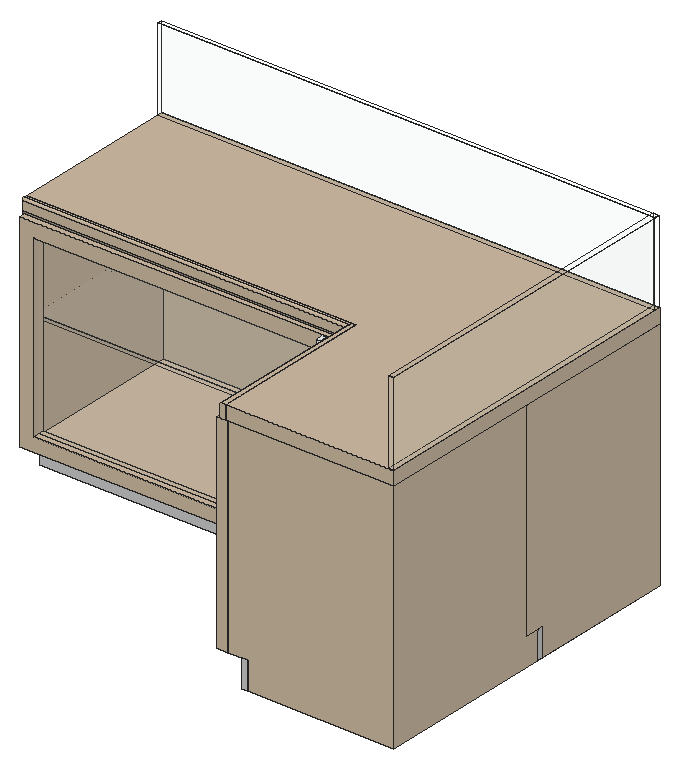
Revit family "Kitchen_Cabinet_Corner", category Casework, Revit 2021 (continued)
Definition of nested family "45 Degree Shelve"
  Dimensions and locks
    aligned and locked: Extrusion 4 sketch curve to plane 3 "Center (Left/Right)"
  Automatic sketch dimensions
    Extrusion 1 sketch curve to plane 3 "Center (Left/Right)" = 0 mm
Definition of nested family "Handle"
  Parameters
    x = no
    LOCK = 0 mm  # constant formula
    X POSITION OUT = 0 mm
    VisCalc Lock = if(and(Fix, not(Double)), Double, or(VisCalc = 4, VisCalc = 5, VisCalc = 8, VisCalc = 9, VisCalc = 10))  # no
    VisCalc Handle 2 = if(and(Fix, not(Double)), Double, or(VisCalc = 2, VisCalc = 3, VisCalc = 5, VisCalc = 8, VisCalc = 9))  # no
    VisCalc Handle 1 = if(and(Fix, not(Double)), Double, or(VisCalc = 1, VisCalc = 3, VisCalc = 5, VisCalc = 7, VisCalc = 9))  # yes
    VisCalc = 1
    Symbol Lines Plan 3D = yes
    Symbol Lines Plan 3D Sliding Door = no
    Symbol Lines Panel Width Calc = 800 mm
    Symbol Lines Maintainance = 0 mm  # constant formula
    Symbol Lines Elevation 3D Not Hinge Side = yes
    Symbol Lines Elevation 3D Hinge Side = yes
    Symbol Lines Elevation 3D Sliding Door = yes
    Symbol Lines Elevation 2D Sliding Door = yes
    Symbol Lines 2D Swing Pivot = no
    Symbol Lines Plan 2D Sliding Door = no
    Symbol Lines Plan 2D = no
    Symbol Lines Elevation 2D Not Hinge Side = no
    Symbol Lines Elevation 2D Hinge Side = no
    Symbol Line Plan Angle Min Calc = 90.00°
    Symbol Line Plan Angle = 45.00°
    Symbol Line Pivot Line = no
    Symbol Line Pivot Length = 10 mm
    Side Position = 75 mm
    Profile Width = 30 mm
    Profile Radius = 14 mm
    PANEL HEIGHT = 2200 mm
    PANEL BOTTOM OFFSET = 0 mm
    OUT = 20 mm
    Matirial 2 = none
    Lock Width = 50 mm
    Lock Radius = 24 mm
    Lock Position Sides = 50 mm
    Lock Position Height = 100 mm
    Lock Length = 50 mm
    Lock Depth = 10 mm
    Length = 300 mm
    Kick Plate Vis = if(and(Fix, not(Double)), Double, or(VisCalc = 6, VisCalc = 7, VisCalc = 8, VisCalc = 9, VisCalc = 10))  # no
    Kick Plate Thickness = 2 mm
    Kick Plate Middle Side Offset = 0 mm
    Kick Plate Matirail = none
    Kick Plate Hinge Side Offset = 0 mm
    Kick Plate Height Offset = 0 mm
    Kick Plate Height = 200 mm
    IN = 0 mm
    Height Position = 925 mm
    Handle Width 1 = 50 mm
    Handle Radius 1 = 24 mm
    Handle Position Side 1 = 50 mm
    Handle Length 1 = 50 mm
    Handle Depth 1 = 10 mm
    Handle Angle = 90.00°
    Fix = no
    Double = yes
    Door Width Half = Door Width / 2  # 400 mm
    Door Width = 800 mm
    Door Handle Position Height 1 = 900 mm
    Door Handle = none
    Depth 2 = 50 mm
    Depth 1 = 50 mm
    Default Elevation = 0 mm
    Assembly Code = ""
    Angle = 0.00°
  Reference planes
    plane 1 "Center (Front/Back)": y = 0
    plane 2: z = 0
    plane 3 "Center (Left/Right)": x = 0
    plane 4 "Height Positon": z = 925
    plane 5: x = 0
    plane 6 "Door Width": x = -800
    plane 7 "Door Top": z = 2200
    plane 8 "Door Center": z = 1100
    plane 9 "Door Bottom": z = 0
    plane 10: x = -100
    plane 11: x = -800
  Forms (mm)
    Sweep 1, solid, material <- "Door Handle", visible <- "VisCalc Handle 1"
      path in 3D
        loop
          line (-725, 20, 925) -> (-725, 70, 925) -> (-725, 70, 1225) -> (-725, 20, 1225)
      profile origin (-725, 45, 925) x (-1, 0, 0) y (0, 0, 1)
        loop
          arc (-1, 15) -> (-10.899, 10.899) -> (-15, 1) r 14
          line (-15, 1) -> (-15, -1)
          arc (-15, -1) -> (-10.899, -10.899) -> (-1, -15) r 14
          line (-1, -15) -> (1, -15)
          arc (1, -15) -> (10.899, -10.899) -> (15, -1) r 14
          line (15, -1) -> (15, 1)
          arc (15, 1) -> (10.899, 10.899) -> (1, 15) r 14
          line (1, 15) -> (-1, 15)
    Extrusion 2, solid, material <- "Door Handle", visible <- "VisCalc Lock"
      sketch origin (0, 20, 925) x (-1, 0, 0) y (0, 0, 1)
        loop
          arc (724, -35) -> (707.029, -42.029) -> (700, -59) r 24
          line (700, -59) -> (700, -61)
          arc (700, -61) -> (707.029, -77.971) -> (724, -85) r 24
          line (724, -85) -> (726, -85)
          arc (726, -85) -> (742.971, -77.971) -> (750, -61) r 24
          line (750, -61) -> (750, -59)
          arc (750, -59) -> (742.971, -42.029) -> (726, -35) r 24
          line (726, -35) -> (724, -35)
      from 0 to 10
    Extrusion 3, solid, material <- "Matirial 2", visible <- "VisCalc Handle 2"
      sketch origin (0, 20, 925) x (-1, 0, 0) y (0, 0, 1)
        loop
          arc (724, 25) -> (707.029, 17.971) -> (700, 1) r 24
          line (700, 1) -> (700, -1)
          arc (700, -1) -> (707.029, -17.971) -> (724, -25) r 24
          line (724, -25) -> (726, -25)
          arc (726, -25) -> (742.971, -17.971) -> (750, -1) r 24
          line (750, -1) -> (750, 1)
          arc (750, 1) -> (742.971, 17.971) -> (726, 25) r 24
          line (726, 25) -> (724, 25)
      from 0 to 10
    Extrusion 4, solid, material <- "Kick Plate Matirail", visible <- "Kick Plate Vis"
      sketch origin (0, 20, 0) x (-1, 0, 0) y (0, -1, 0)
        loop
          line (800, -2) -> (800, 0) -> (0, 0) -> (0, -2) -> (800, -2)
      from 0 to 200
  Lines and regions (mm)
    reference lines
      curve 1: line (0, 20, 925) -> (-800, 20, 925)
      curve 2: line (-725, 20, 925) -> (-725, 70, 925)
      curve 3: line (-725, 70, 925) -> (-725, 70, 1225)
      curve 4: line (-725, 70, 1225) -> (-725, 20, 1225)
      curve 8: line (0, 0, 925) -> (-800, 0, 925)
      curve 9: line (0, 0, 925) -> (-800, 0, 925)
      curve 10: line (0, 0, 925) -> (0, -580.44, 925)
      curve 11: line (0, 20, 0) -> (-800, 20, 0)
      curve 12: line (0, 20, 0) -> (-970, 20, 0)
      curve 13: line (0, 20, 0) -> (-800, 20, 0)
      curve 14: line (0, 20, 2200) -> (0, 20, 0)
      curve 15: line (-800, 20, 2200) -> (0, 20, 2200)
      curve 16: line (-800, 20, 0) -> (-800, 20, 2200)
      curve 17: line (0, 20, 1100) -> (-800, 20, 1100)
      curve 22: line (0, 0, 0) -> (-565.685, 565.685, 0)
      curve 29: line (-1062.056, 20, 0) -> (-957.056, 20, 0)
    sketch lines
      curve 5: line (-725, 20, 925) -> (-725, 70, 925)
      curve 6: line (-725, 70, 925) -> (-725, 70, 1225)
      curve 7: line (-725, 70, 1225) -> (-725, 20, 1225)
    model lines, visible <- "Symbol Lines Elevation 3D Not Hinge Side"
      curve 18: line (0, 20, 0) -> (-800, 20, 1100)
      curve 19: line (-800, 20, 1100) -> (0, 20, 2200)
    model lines, visible <- "Symbol Lines Elevation 3D Hinge Side"
      curve 20: line (-800, 20, 2200) -> (0, 20, 1100)
      curve 21: line (0, 20, 1100) -> (-800, 20, 0)
    model lines, visible <- "Symbol Lines Plan 3D"
      curve 23: line (0, 0, 0) -> (-565.685, 565.685, 0)
      curve 24: arc (-800, 0, 0) -> (-565.685, 565.685, 0) -> (0, 800, 0) r 800
    model lines, visible <- "Symbol Lines Elevation 3D Sliding Door"
      curve 25: line (-200, 20, 1100) -> (-600, 20, 1100)
      curve 26: line (-200, 20, 1100) -> (-270.711, 20, 1170.711)
    model lines, visible <- "Symbol Line Pivot Line"
      curve 27: line (0, 0, 0) -> (7.071, -7.071, 0)
      curve 28: arc (0, -10, 0) -> (7.071, -7.071, 0) -> (10, 0, 0) r 10
    symbolic lines, visible <- "Symbol Lines Plan 2D"
      curve 30: line (0, 0, 0) -> (-565.685, 565.685, 0)
      curve 33: arc (-800, 0, 0) -> (-565.685, 565.685, 0) -> (0, 800, 0) r 800
    symbolic lines, visible <- "Symbol Lines 2D Swing Pivot"
      curve 31: line (7.071, -7.071, 0) -> (0, 0, 0)
      curve 32: arc (0, -10, 0) -> (7.071, -7.071, 0) -> (10, 0, 0) r 10
    symbolic lines, visible <- "Symbol Lines Elevation 2D Hinge Side"
      curve 34: line (-800, 0, 2200) -> (0, 0, 1100)
      curve 35: line (0, 0, 1100) -> (-800, 0, 0)
    symbolic lines, visible <- "Symbol Lines Elevation 2D Not Hinge Side"
      curve 36: line (0, 0, 2200) -> (-800, 0, 1100)
      curve 37: line (-800, 0, 1100) -> (0, 0, 0)
    symbolic lines, visible <- "Symbol Lines Elevation 2D Sliding Door"
      curve 38: line (-200, 0, 1100) -> (-600, 0, 1100)
      curve 39: line (-200, 0, 1100) -> (-270.711, 0, 1170.711)
    model lines, visible <- "Symbol Lines Plan 3D Sliding Door"
      curve 40: line (-800, 200, 0) -> (-100, 200, 0)
      curve 41: line (-100, 200, 0) -> (-170.711, 270.711, 0)
    symbolic lines, visible <- "Symbol Lines Plan 2D Sliding Door"
      curve 42: line (-800, 200, 0) -> (-100, 200, 0)
      curve 43: line (-170.711, 270.711, 0) -> (-100, 200, 0)
  Dimensions and locks
    "Height Position": plane 4 "Height Positon" to plane 9 "Door Bottom"
    "Door Width": curve 1 to curve 1
    "Side Position": curve 1 to curve 2
    "Depth 1": curve 2 to curve 2
    "Depth 2": curve 4 to curve 4
    equal spacing: Sweep 1 sketch curve, profile plane, Sweep 1 sketch curve  (x2)
    "Profile Width": Sweep 1 sketch curve to Sweep 1 sketch curve  (x2)
    "Length": curve 3 to curve 3
    "Lock Width": Extrusion 2 sketch curve to Extrusion 2 sketch curve
    "Lock Length": Extrusion 2 sketch curve to Extrusion 2 sketch curve
    "Lock Position Sides": Extrusion 2 sketch curve to curve 1
    "Lock Depth": Extrusion 2 to Extrusion 2
    "Side Position": curve 3 to curve 1
    "Handle Length 1": Extrusion 3 sketch curve to Extrusion 3 sketch curve
    "Handle Width 1": Extrusion 3 sketch curve to Extrusion 3 sketch curve
    "Handle Position Side 1": Extrusion 3 sketch curve to curve 1
    "Door Handle Position Height 1": Extrusion 3 sketch curve to level
    "Handle Depth 1": Extrusion 3 to Extrusion 3
    "Door Width": curve 8 to curve 8
    "Door Width": curve 9 to curve 9
    "OUT": curve 1 to curve 9
    "IN": curve 8 to curve 9
    "Kick Plate Thickness": Extrusion 4 sketch curve to Extrusion 4 sketch curve
    "Kick Plate Middle Side Offset": curve 1 to Extrusion 4 sketch curve
    "Kick Plate Hinge Side Offset": Extrusion 4 sketch curve to curve 1
    "Kick Plate Height": Extrusion 4 to Extrusion 4
    "X POSITION OUT": curve 8 to curve 10
    "PANEL HEIGHT": curve 13 to curve 15
    "LOCK": curve 12 to curve 13
    "Door Width": curve 14 to curve 16
    equal spacing: curve 13, curve 17, curve 15
    "Symbol Lines Maintainance": curve 11 to curve 14
    "Door Width": curve 11 to curve 11
    "Symbol Lines Maintainance": plane 3 "Center (Left/Right)" to plane 5
    "Door Width": curve 22 to curve 22
    "Symbol Lines Panel Width Calc": curve 23 to curve 23
    "Door Width Half": curve 25 to curve 25
    curve 14 to curve 25 = 200 mm
    locked: curve 14 to curve 26 at 200
    "Symbol Line Pivot Length": curve 27 to curve 27
    locked: curve 29 to curve 12 at 0
    "Symbol Lines Panel Width Calc": curve 30 to curve 30
    "Symbol Line Pivot Length": curve 31 to curve 31
    "Door Width": plane 3 "Center (Left/Right)" to plane 6 "Door Width"
    equal spacing: plane 9 "Door Bottom", plane 8 "Door Center", plane 7 "Door Top"
    "PANEL HEIGHT": plane 9 "Door Bottom" to plane 7 "Door Top"
    plane 9 "Door Bottom" to plane 2 = 0 mm
    "Door Width Half": curve 38 to curve 38
    locked: plane 3 "Center (Left/Right)" to curve 38 at 200
    locked: plane 8 "Door Center" to curve 39 at 70.711
    locked: curve 39 to curve 38 at 70.711
    "LOCK": curve 11 to plane 9 "Door Bottom"
    locked: plane 10 to plane 3 "Center (Left/Right)" at 100
    locked: plane 11 to plane 6 "Door Width"
    "PANEL BOTTOM OFFSET": plane 9 "Door Bottom" to level
    "Profile Radius": radius of Sweep 1 sketch curve  (x4)
    "Lock Radius": radius of Extrusion 2 sketch curve  (x4)
    "Handle Radius 1": radius of Extrusion 3 sketch curve  (x4)
    "Symbol Lines Panel Width Calc": radius of curve 24
    "Symbol Line Pivot Length": radius of curve 28
    "Symbol Line Pivot Length": radius of curve 32
    "Symbol Lines Panel Width Calc": radius of curve 33
    "Handle Angle": angle curve 3 to curve 1
    "Angle": angle curve 8 to plane 1 "Center (Front/Back)"
    "Symbol Line Plan Angle": angle curve 22 to plane 1 "Center (Front/Back)"
    "Symbol Line Plan Angle Min Calc": angle curve 24 to curve 24
    angle curve 26 to curve 25 = 135.00°
    "Symbol Line Plan Angle Min Calc": angle curve 28 to curve 28
    "Symbol Line Plan Angle Min Calc": angle curve 32 to curve 32
    "Symbol Line Plan Angle Min Calc": angle curve 33 to curve 33
    locked: curve 41 to curve 40 (angle 45.00°)
    aligned and locked: curve 1 to curve 2
    aligned and locked: curve 2 to curve 3
    aligned and locked: curve 3 to curve 4
    aligned and locked: curve 4 to curve 3
    aligned and locked: plane 3 "Center (Left/Right)" to curve 8
    aligned and locked: plane 1 "Center (Front/Back)" to curve 8
    aligned and locked: curve 1 to curve 10
    aligned and locked: curve 1 to Extrusion 4
    aligned and locked: curve 12 to curve 11
    aligned and locked: plane 1 "Center (Front/Back)" to curve 28  (x2)
    aligned and locked: plane 5 to curve 28
    aligned and locked: curve 16 to curve 20
    aligned and locked: curve 20 to curve 15
    aligned and locked: curve 19 to curve 14
    aligned and locked: curve 15 to curve 19
    aligned and locked: curve 13 to curve 21
    aligned and locked: curve 21 to curve 16
    aligned and locked: curve 30 to curve 22
    aligned and locked: curve 31 to curve 22
    aligned and locked: plane 1 "Center (Front/Back)" to curve 31
    aligned and locked: plane 1 "Center (Front/Back)" to curve 32  (x2)
    aligned and locked: plane 5 to curve 32
    aligned and locked: curve 35 to plane 9 "Door Bottom"
    aligned and locked: plane 6 "Door Width" to curve 35
    aligned and locked: plane 8 "Door Center" to curve 35
    aligned and locked: plane 3 "Center (Left/Right)" to curve 34
    aligned and locked: plane 6 "Door Width" to curve 34
    aligned and locked: plane 7 "Door Top" to curve 34
    aligned and locked: plane 3 "Center (Left/Right)" to curve 36
    aligned and locked: plane 7 "Door Top" to curve 36
    aligned and locked: plane 6 "Door Width" to curve 36
    aligned and locked: plane 8 "Door Center" to curve 37
    aligned and locked: plane 3 "Center (Left/Right)" to curve 37
    aligned and locked: plane 9 "Door Bottom" to curve 37
    aligned and locked: plane 8 "Door Center" to curve 39
    aligned and locked: curve 20 to curve 17
    aligned and locked: curve 14 to curve 14
    aligned and locked: curve 16 to curve 17
    aligned and locked: curve 17 to curve 19
    aligned and locked: curve 16 to curve 19
    aligned and locked: curve 14 to curve 18
    aligned and locked: curve 18 to curve 13
    aligned and locked: curve 17 to curve 25
    aligned and locked: plane 10 to curve 43
    aligned and locked: plane 11 to curve 42
    aligned and locked: plane 11 to curve 40
  Automatic sketch dimensions
    curve 1 to Extrusion 2 sketch curve = 85 mm
    curve 8 to curve 10 = 580.44 mm
    curve 12 to curve 11 = 0 mm
    curve 11 to curve 12 = 170 mm
    curve 11 to curve 1 = 0 mm
    curve 29 to curve 12 = 12.944 mm
    curve 12 to curve 29 = 92.056 mm
    curve 25 to curve 20 = 200 mm
    curve 22 to plane 1 "Center (Front/Back)" = 0 mm
    curve 22 to plane 3 "Center (Left/Right)" = 0 mm
    Extrusion 4 sketch curve to curve 12 = 2 mm
    curve 24 to curve 33 = 0 mm  (x2)
    curve 24 to plane 1 "Center (Front/Back)" = 0 mm
    curve 24 to plane 6 "Door Width" = 0 mm
    curve 41 to curve 43 = 0 mm
    curve 42 to plane 1 "Center (Front/Back)" = 200 mm
    curve 43 to curve 41 = 0 mm
Types (41, lengths in mm): name | XXXDouble Swing Panel Glass Vis | Wall unit height calc | Void Side Offset For Corner Unit Back | Void Side Offset For Corner Unit | Symbol Lines Panel Height Calc | Width Half | Width | KickPlate Right Side Offset Calc | KickPlate Left Side Offset Calc | Draw Handle VisCalc | Depth Top Calc | Corner Unit Top 45 Degree Visibility | Corner Unit Shelve VisCalc | Corner Unit 45 Degree Side Depth For KickPlateCalc | Corner Unit 45 Degree Shelve Depth Calc | Corner Unit 45 Degree Depth Calc | Bottom Base VisCalc | BackSplash VisCalc | Top VisCalc | Symbol Lines 2D Plan Sliding Door | Symbol Lines 2D Elevation HS RIGHT | Symbol Lines 2D Elevation HS LEFT | Symbol Lines 2D Plan RIGHT | Symbol Lines 2D Plan LEFT | Shell VisCalc | Height | Fix Panel Top & Bottom Offset Calc | Fix Panel Geomtry Width Calc | Door Handle Visibility | Depth | Corner Unit Void Height Calc | Corner Unit Top VisCalc | Corner Unit Top Profile VisCalc | Corner Unit Panel VisCalc | Corner Unit Panel Height Calc | Sink 2 Visibility | Extractor Hood Visibility | Corner Unit Door Top Offset Calc | Corner Unit Door Handle VisCalc | Corner Unit BackSplash(45 Degrees) VisCalc | Wall Corner Unit VisCalc | XXXVoid Leg Vis Calc | Corner Unit Width Calc | Corner Unit Width | Corner Unit Door Width Calc | Corner Unit Depth Calc | Corner Unit 45 Degree Visibility | Corner Unit  Visibility | Bottom Base Height | Back Splash Visibility | Corner Unit Back Splash VisCalc | Symbol Lines From Hinge Side | Symbol Lines Drawers VisCalc | Cooker Middle Burner VisCalc | Cooker Burner Front & Back Offset Calc | Cooker Burner Front & Back Offset | Cooker Burner Sides Offset | Cooker Burner Side Offset Calc | Cooker Width | Cooker Width Half Calc | Cooker Depth Calc | Oven VisCalc | Oven Position Plan | Oven Visibility | Drainer VisCalc | Drainer Visibility | Cooker VisCalc | Cooker Calc | Cooker Visibility | Wall Unit Height | Width Calc | Void On/Off Calc | Void Height Calc | Sliding Door Profile Distance Calc | Sliding Door Offset Calc | Sliding Door Calc | Sliding Door | Sink Calc | Sink VisCalc | Sink Visibility | Side S PW O | Side S PW I | Side D PW O | Side D PW I | Shelve VisCalc | Pannel Side Calc | XXXPanel Height Calc | Panel Glass End Calc | Panel Glass VisCalc | Panel Frame Thickness Bottom Calc | Panel Frame Visibility | Panel Between | Middle Vis | Just Drawers VisCalc | Just Drawers | Hinge Position Right Calc | Hinge Position Left Calc | Hinge Position IO Calc | Top Profile VisCalc | Drawers Calc | Draw Width Calc | Draw Side Distance Calc | XXXDraw Depth Position Calc | Draw Count | Double Swing VisCalc | Double Swing | Doors VisCalc | Doors Visibility | XXXDoor Top Offset Calc | Door Handle Right VisCalc | Door Handle Height | Door Handle Offset From Top | Door Handle Left VisCalc | Door Handle VisCalc | XXXDoor Bottom Offset Calc | Divider A Left Calc | XXXDepth Shelves & Divider Depth Calc | Bottom Base Height Calc | Adiitional Drawers VisCalc | XXXAdiitional Drawers Height Min Calc | Additonal Draw Handle VisCalc | Additional Drawers Count | XXXAdiitional Drawers Height Position Calc BOTTOM | Additional Drawers Height Calc | Shelves Width Calc | Shelves Count | Depth Inner Side Calc | XXXLeft Divider Height Calc 2 | XXXLeft Divider Height Calc | A Left Divider Height | A Left Divider Distance | Sink Depth | Sink Depth Calc | Sink Radius Max Calc | Sink 2 Calc | Sink 2 VisCalc | Sink 2 Depth Calc | Sink 2 Depth | Sink Drainer Left Length Calc | Sink Drainaer VisCalc | CornerUnit Shelve Widh Calc | XXXDrawers Height Position Calc Top RETURN | XXXDrawers Height Min Calc RETURN | XXXDrawers Count Calc 2 | XXXDrawers Count Calc 1 | XXXDrawers Height Bottom Position Calc | XXXDrawers Height Calc | XXXHeight Calc | XXXDrawers Height Calc. | XXXHeight Calc PB & PNB | XXXKickplate VisCalc | XXXCorner Unit Kickplate VisCalc | XXX 45 Degree Corner Unit Shelve Width
  Corner Unit 7 | no | 0 | 1200 | 600 | 745 | 900 | 1800 | 0 | 0 | no | 630 | no | yes | 530 | 590 | 610 | yes | yes | no | no | no | no | no | no | yes | 900 | 0 | 642 | yes | 600 | 650 | yes | yes | yes | 750 | no | no | 0 | yes | no | no | 100 | 600 | 600 | 555 | 600 | no | yes | 100 | yes | yes | yes | no | no | 99 | 0 | 0 | 99 | 500 | 250 | 500 | 500 | 41 | no | no | no | no | 500 | no | 0 | 1760 | 0 | 645 | 0 | 0 | no | no | 500 | no | no | 1800 | 1750 | 897.5 | 872.5 | yes | 1160 | 745 | 695 | yes | 50 | yes | no | yes | no | no | 0 | 0 | 340 | no | no | 1800 | 0 | 340 | 0 | no | no | yes | yes | 5 | no | 200 | 0 | yes | yes | 0 | no | 575 | 100 | no | 745 | no | 0 | 0 | 745 | 1200 | 1 | 560 | 100 | 100 | 0 | 0 | 450 | 450 | 195 | 500 | no | 450 | 450 | 30 | 500 | 580 | 0 | 179 | 1 | 2 | 750 | 179 | 850 | 179 | 750 | yes | yes | 1840
  Corner Unit 6 | no | 0 | 1200 | 600 | 745 | 725 | 1450 | 0 | 0 | no | 630 | no | yes | 530 | 590 | 610 | yes | yes | no | no | no | no | no | no | yes | 900 | 0 | 642 | yes | 600 | 650 | yes | yes | yes | 750 | no | no | 0 | yes | no | no | 100 | 600 | 600 | 555 | 600 | no | yes | 100 | yes | yes | yes | no | no | 99 | 0 | 0 | 99 | 500 | 250 | 500 | 500 | 41 | no | no | no | no | 500 | no | 0 | 1410 | 0 | 645 | 0 | 0 | no | no | 500 | no | no | 1450 | 1400 | 722.5 | 697.5 | yes | 810 | 745 | 695 | yes | 50 | yes | no | yes | no | no | 0 | 0 | 340 | no | no | 1450 | 0 | 340 | 0 | no | no | yes | yes | 5 | no | 200 | 0 | yes | yes | 0 | no | 575 | 100 | no | 745 | no | 0 | 0 | 745 | 1200 | 1 | 560 | 100 | 100 | 0 | 0 | 450 | 450 | 195 | 500 | no | 450 | 450 | 30 | 500 | 580 | 0 | 179 | 1 | 2 | 750 | 179 | 850 | 179 | 750 | yes | yes | 1490
  Double Floor Unit 5 | yes | 0 | 1200 | 600 | 745 | 700 | 1400 | 0 | 0 | no | 630 | no | no | 530 | 590 | 610 | yes | yes | yes | no | yes | yes | yes | yes | yes | 900 | 0 | 704.5 | yes | 600 | 650 | no | no | no | 750 | no | no | 0 | no | no | no | 100 | 600 | 600 | 555 | 700 | no | no | 100 | yes | no | yes | no | no | 99 | 0 | 0 | 99 | 500 | 250 | 500 | 500 | 41 | no | no | no | no | 500 | no | 0 | 1360 | 0 | 645 | 0 | 0 | no | no | 500 | no | no | 1400 | 1350 | 697.5 | 672.5 | yes | 697.5 | 745 | 695 | yes | 50 | yes | no | yes | no | no | 0 | 0 | 340 | yes | no | 1400 | 0 | 340 | 0 | yes | yes | yes | yes | 5 | yes | 200 | 0 | yes | yes | 0 | yes | 575 | 100 | no | 745 | no | 0 | 0 | 745 | 1200 | 1 | 560 | 710 | 710 | 1000 | 600 | 450 | 450 | 195 | 500 | no | 450 | 450 | 30 | 500 | 580 | 0 | 179 | 1 | 2 | 750 | 179 | 850 | 179 | 750 | yes | no | 1440
  Sink 2 | no | 0 | 1200 | 600 | 700 | 700 | 1400 | 0 | 0 | no | 630 | no | no | 530 | 590 | 610 | yes | yes | yes | yes | no | no | no | no | yes | 900 | 20 | 2 | no | 600 | 600 | no | no | no | 700 | yes | no | 25 | no | no | no | 100 | 600 | 600 | 570 | 700 | no | no | 100 | yes | no | yes | no | no | 99 | 0 | 0 | 99 | 500 | 250 | 500 | 500 | 0 | no | yes | yes | no | 500 | no | 0 | 1360 | 40 | 600 | 5 | 41 | yes | yes | 0 | yes | yes | 1400 | 1350 | 697.5 | 680 | yes | 705 | 700 | 675 | no | 75 | no | yes | yes | no | no | 20 | 20 | 300 | yes | no | 1350 | 25 | 300 | 0 | yes | yes | yes | yes | 25 | no | 200 | 0 | no | no | 25 | no | 490 | 100 | no | 700 | no | 0 | 25 | 700 | 1200 | 1 | 560 | 100 | 100 | 0 | 0 | 450 | 450 | 195 | 0 | yes | 450 | 450 | 330 | 0 | 665 | 0 | 184 | 1 | 2 | 25 | 184 | 850 | 184 | 710 | yes | no | 1440
  Corner Unit 5 | no | 0 | 1200 | 600 | 745 | 900 | 1800 | 0 | 0 | no | 630 | no | yes | 530 | 590 | 610 | yes | yes | no | no | no | no | no | no | yes | 900 | 0 | 642 | yes | 600 | 650 | yes | yes | yes | 750 | no | no | 0 | yes | no | no | 100 | 600 | 600 | 555 | 600 | no | yes | 100 | yes | yes | yes | no | no | 99 | 0 | 0 | 99 | 500 | 250 | 500 | 500 | 41 | no | no | no | no | 500 | no | 0 | 1760 | 0 | 645 | 0 | 0 | no | no | 500 | no | no | 1800 | 1750 | 897.5 | 872.5 | yes | 1160 | 745 | 695 | yes | 50 | yes | no | yes | no | no | 0 | 0 | 340 | no | no | 1800 | 0 | 340 | 0 | no | no | yes | yes | 5 | no | 200 | 0 | yes | yes | 0 | no | 575 | 100 | no | 745 | no | 0 | 0 | 745 | 1200 | 1 | 560 | 100 | 100 | 0 | 0 | 450 | 450 | 195 | 500 | no | 450 | 450 | 30 | 500 | 580 | 0 | 179 | 1 | 2 | 750 | 179 | 850 | 179 | 750 | yes | yes | 1840
  Double Floor Unit 4 | yes | 0 | 1200 | 600 | 745 | 500 | 1000 | 0 | 0 | no | 630 | no | no | 530 | 590 | 610 | yes | yes | yes | no | yes | yes | yes | yes | yes | 900 | 0 | 504.5 | yes | 600 | 650 | no | no | no | 750 | no | no | 0 | no | no | no | 100 | 600 | 600 | 555 | 500 | no | no | 100 | yes | no | yes | no | no | 99 | 0 | 0 | 99 | 500 | 250 | 500 | 500 | 41 | no | no | no | no | 500 | no | 0 | 960 | 0 | 645 | 0 | 0 | no | no | 500 | no | no | 1000 | 950 | 497.5 | 472.5 | yes | 497.5 | 745 | 695 | yes | 50 | yes | no | yes | no | no | 0 | 0 | 340 | yes | no | 1000 | 0 | 340 | 0 | yes | yes | yes | yes | 5 | yes | 200 | 0 | yes | yes | 0 | yes | 575 | 100 | no | 745 | no | 0 | 0 | 745 | 960 | 1 | 560 | 710 | 710 | 1000 | 600 | 450 | 450 | 195 | 500 | no | 450 | 450 | 30 | 500 | 580 | 0 | 179 | 1 | 2 | 750 | 179 | 850 | 179 | 750 | yes | no | 1040
  Double Floor Unit 3 501 | yes | 0 | 1000 | 500 | 745 | 450 | 900 | 0 | 0 | no | 530 | no | no | 430 | 490 | 510 | yes | yes | yes | no | yes | yes | yes | yes | yes | 900 | 0 | 454.5 | yes | 500 | 650 | no | no | no | 750 | no | no | 0 | no | no | no | 100 | 600 | 600 | 555 | 450 | no | no | 100 | yes | no | yes | no | no | 99 | 0 | 0 | 99 | 500 | 250 | 400 | 500 | 41 | no | no | no | no | 500 | no | 0 | 860 | 0 | 645 | 0 | 0 | no | no | 500 | no | no | 900 | 850 | 447.5 | 422.5 | yes | 447.5 | 745 | 695 | yes | 50 | yes | no | yes | no | no | 0 | 0 | 290 | yes | no | 900 | 0 | 290 | 0 | yes | yes | yes | yes | 5 | yes | 200 | 0 | yes | yes | 0 | yes | 475 | 100 | no | 745 | no | 0 | 0 | 745 | 860 | 1 | 460 | 710 | 710 | 1000 | 600 | 450 | 450 | 195 | 500 | no | 450 | 450 | 30 | 500 | 580 | 0 | 179 | 1 | 2 | 750 | 179 | 850 | 179 | 750 | yes | no | 940
  Corner Unit 4 | no | 0 | 1200 | 600 | 745 | 675 | 1350 | 0 | 0 | no | 630 | no | yes | 530 | 590 | 610 | yes | yes | no | no | no | no | no | no | yes | 900 | 0 | 642 | yes | 600 | 650 | yes | yes | yes | 750 | no | no | 0 | yes | no | no | 100 | 900 | 900 | 855 | 600 | no | yes | 100 | yes | yes | yes | no | no | 99 | 0 | 0 | 99 | 500 | 250 | 500 | 500 | 41 | no | no | no | no | 500 | no | 0 | 1310 | 0 | 645 | 0 | 0 | no | no | 500 | no | no | 1350 | 1300 | 672.5 | 647.5 | yes | 710 | 745 | 695 | yes | 50 | yes | no | yes | no | no | 0 | 0 | 340 | no | no | 1350 | 0 | 340 | 0 | no | no | yes | yes | 5 | no | 200 | 0 | yes | yes | 0 | no | 575 | 100 | no | 745 | no | 0 | 0 | 745 | 1200 | 1 | 560 | 100 | 100 | 0 | 0 | 450 | 450 | 195 | 500 | no | 450 | 450 | 30 | 500 | 880 | 0 | 179 | 1 | 2 | 750 | 179 | 850 | 179 | 750 | yes | yes | 1390
  Fridge 4 | no | 0 | 1200 | 600 | 2245 | 500 | 1000 | 0 | 0 | no | 630 | no | no | 530 | 590 | 610 | yes | no | yes | no | no | yes | no | yes | yes | 2400 | 0 | 2 | yes | 600 | 2150 | no | no | no | 2250 | no | no | 0 | no | no | no | 100 | 600 | 600 | 555 | 500 | no | no | 100 | no | no | yes | no | no | 99 | 0 | 0 | 99 | 500 | 250 | 500 | 500 | 41 | no | no | no | no | 500 | no | 0 | 960 | 40 | 2145 | 0 | 0 | no | no | 500 | no | no | 1000 | 950 | 497.5 | 472.5 | yes | 1000 | 2245 | 2195 | no | 50 | no | no | yes | no | no | 0 | 0 | 340 | yes | no | 1000 | 0 | 340 | 0 | no | no | yes | yes | 5 | no | 600 | 0 | yes | yes | 0 | no | 575 | 100 | no | 2245 | no | 0 | 0 | 2245 | 960 | 1 | 560 | 100 | 100 | 0 | 0 | 450 | 450 | 195 | 500 | no | 450 | 450 | 30 | 500 | 580 | 0 | 179 | 1 | 2 | 2250 | 179 | 2350 | 179 | 2250 | yes | no | 1040
  Double Floor Unit 701 | no | 0 | 1200 | 600 | 745 | 300 | 600 | 0 | 0 | no | 630 | no | no | 530 | 590 | 610 | yes | yes | yes | no | no | yes | no | yes | yes | 900 | 0 | 2 | yes | 600 | 650 | no | no | no | 750 | no | no | 0 | no | no | no | 100 | 600 | 600 | 555 | 300 | no | no | 100 | yes | no | yes | no | no | 99 | 0 | 0 | 99 | 500 | 250 | 500 | 500 | 41 | no | no | no | no | 500 | no | 0 | 560 | 0 | 645 | 0 | 0 | no | no | 500 | no | no | 600 | 550 | 297.5 | 272.5 | yes | 600 | 745 | 695 | yes | 50 | yes | no | yes | no | no | 0 | 0 | 340 | yes | no | 600 | 0 | 340 | 0 | no | no | yes | yes | 5 | no | 200 | 0 | yes | yes | 0 | yes | 575 | 100 | no | 745 | no | 0 | 0 | 745 | 560 | 1 | 560 | 710 | 710 | 1000 | 600 | 450 | 450 | 195 | 500 | no | 450 | 450 | 30 | 500 | 580 | 0 | 179 | 1 | 2 | 750 | 179 | 850 | 179 | 750 | yes | no | 640
  Double Floor Unit 3 | no | 0 | 1800 | 900 | 745 | 350 | 700 | 0 | 0 | no | 930 | no | no | 830 | 890 | 910 | yes | yes | yes | no | no | no | no | no | yes | 900 | 0 | 2 | yes | 900 | 650 | no | no | no | 750 | no | no | 0 | no | no | no | 100 | 600 | 600 | 555 | 350 | no | no | 100 | yes | no | yes | yes | no | 99 | 0 | 0 | 99 | 500 | 250 | 500 | 500 | 41 | no | no | no | no | 500 | no | 0 | 660 | 0 | 645 | 0 | 0 | no | no | 500 | no | no | 700 | 650 | 347.5 | 322.5 | yes | 700 | 745 | 695 | no | 50 | yes | no | yes | no | no | 0 | 0 | 490 | yes | no | 700 | 0 | 490 | 0 | no | no | no | yes | 5 | no | 200 | 0 | no | no | 0 | yes | 800 | 100 | yes | 745 | yes | 1 | 0 | 745 | 660 | 1 | 860 | 710 | 710 | 1000 | 600 | 450 | 450 | 195 | 500 | no | 450 | 450 | 30 | 500 | 655 | 0 | 179 | 1 | 2 | 750 | 179 | 850 | 179 | 750 | yes | no | 740
  Fridge 3 | no | 0 | 1700 | 850 | 1867 | 600 | 1200 | 0 | 0 | yes | 880 | no | no | 780 | 840 | 860 | yes | no | yes | no | yes | yes | yes | yes | yes | 2400 | 0 | 604.5 | yes | 850 | 2150 | no | no | no | 2250 | no | no | 0 | no | no | no | 100 | 600 | 600 | 555 | 600 | no | no | 100 | no | no | yes | no | no | 99 | 0 | 0 | 99 | 500 | 250 | 500 | 500 | 41 | no | no | no | no | 500 | no | 0 | 1160 | 40 | 1767 | 0 | 0 | no | no | 500 | no | no | 1200 | 1150 | 597.5 | 572.5 | yes | 597.5 | 1867 | 1817 | no | 50 | no | no | yes | no | no | 0 | 0 | 465 | yes | yes | 1200 | 0 | 465 | 2 | yes | yes | yes | yes | 383 | yes | 600 | 0 | yes | yes | 0 | no | 800 | 100 | no | 1867 | no | 0 | 0 | 1867 | 1160 | 1 | 810 | 100 | 100 | 0 | 0 | 450 | 450 | 195 | 500 | no | 450 | 450 | 30 | 500 | 605 | 186.5 | 181.5 | 2 | 2 | 1872 | 181.5 | 2350 | 363 | 2250 | yes | no | 1240
  Double Floor Unit 950 | yes | 0 | 1200 | 600 | 745 | 475 | 950 | 0 | 0 | no | 630 | no | no | 530 | 590 | 610 | yes | yes | yes | no | yes | yes | yes | yes | yes | 900 | 0 | 479.5 | yes | 600 | 650 | no | no | no | 750 | no | no | 0 | no | no | no | 100 | 600 | 600 | 555 | 475 | no | no | 100 | yes | no | yes | no | no | 99 | 0 | 0 | 99 | 500 | 250 | 500 | 500 | 41 | no | no | no | no | 500 | no | 0 | 910 | 0 | 645 | 0 | 0 | no | no | 500 | no | no | 950 | 900 | 472.5 | 447.5 | yes | 472.5 | 745 | 695 | yes | 50 | yes | no | yes | no | no | 0 | 0 | 340 | yes | no | 950 | 0 | 340 | 0 | yes | yes | yes | yes | 5 | yes | 200 | 0 | yes | yes | 0 | yes | 575 | 100 | no | 745 | no | 0 | 0 | 745 | 910 | 1 | 560 | 710 | 710 | 1000 | 600 | 450 | 450 | 195 | 500 | no | 450 | 450 | 30 | 500 | 580 | 0 | 179 | 1 | 2 | 750 | 179 | 850 | 179 | 750 | yes | no | 990
  Double Floor Unit 700 | yes | 0 | 1200 | 600 | 745 | 350 | 700 | 0 | 0 | no | 630 | no | no | 530 | 590 | 610 | yes | yes | yes | no | yes | yes | yes | yes | yes | 900 | 0 | 354.5 | yes | 600 | 650 | no | no | no | 750 | no | no | 0 | no | no | no | 100 | 600 | 600 | 555 | 350 | no | no | 100 | yes | no | yes | no | no | 99 | 0 | 0 | 99 | 500 | 250 | 500 | 500 | 41 | no | no | no | no | 500 | no | 0 | 660 | 0 | 645 | 0 | 0 | no | no | 500 | no | no | 700 | 650 | 347.5 | 322.5 | yes | 347.5 | 745 | 695 | yes | 50 | yes | no | yes | no | no | 0 | 0 | 340 | yes | no | 700 | 0 | 340 | 0 | yes | yes | yes | yes | 5 | yes | 200 | 0 | yes | yes | 0 | yes | 575 | 100 | no | 745 | no | 0 | 0 | 745 | 660 | 1 | 560 | 710 | 710 | 1000 | 600 | 450 | 450 | 195 | 500 | no | 450 | 450 | 30 | 500 | 580 | 0 | 179 | 1 | 2 | 750 | 179 | 850 | 179 | 750 | yes | no | 740
  Double Floor Unit 70 | yes | 0 | 1200 | 600 | 745 | 35 | 70 | 0 | 0 | no | 630 | no | no | 530 | 590 | 610 | yes | yes | yes | no | yes | yes | yes | yes | yes | 900 | 0 | 39.5 | yes | 600 | 650 | no | no | no | 750 | no | no | 0 | no | no | no | 100 | 600 | 600 | 555 | 35 | no | no | 100 | yes | no | yes | no | no | 99 | 0 | 0 | 99 | 500 | 250 | 500 | 500 | 41 | no | no | no | no | 500 | no | 0 | 30 | 0 | 645 | 0 | 0 | no | no | 500 | no | no | 70 | 20 | 32.5 | 7.5 | yes | 32.5 | 745 | 695 | yes | 50 | yes | no | yes | no | no | 0 | 0 | 340 | yes | no | 70 | 0 | 340 | 0 | yes | yes | yes | yes | 5 | yes | 200 | 0 | yes | yes | 0 | yes | 575 | 100 | no | 745 | no | 0 | 0 | 745 | 30 | 1 | 560 | 710 | 710 | 1000 | 600 | 450 | 450 | 195 | 500 | no | 450 | 450 | 30 | 500 | 580 | 0 | 179 | 1 | 2 | 750 | 179 | 850 | 179 | 750 | yes | no | 110
  Double Floor Unit 80 | yes | 0 | 1200 | 600 | 745 | 400 | 800 | 0 | 0 | no | 630 | no | no | 530 | 590 | 610 | yes | yes | yes | no | yes | yes | yes | yes | yes | 900 | 0 | 404.5 | yes | 600 | 650 | no | no | no | 750 | no | no | 0 | no | no | no | 100 | 600 | 600 | 555 | 400 | no | no | 100 | yes | no | yes | no | no | 99 | 0 | 0 | 99 | 500 | 250 | 500 | 500 | 41 | no | no | no | no | 500 | no | 0 | 760 | 0 | 645 | 0 | 0 | no | no | 500 | no | no | 800 | 750 | 397.5 | 372.5 | yes | 397.5 | 745 | 695 | yes | 50 | yes | no | yes | no | no | 0 | 0 | 340 | yes | no | 800 | 0 | 340 | 0 | yes | yes | yes | yes | 5 | yes | 200 | 0 | yes | yes | 0 | yes | 575 | 100 | no | 745 | no | 0 | 0 | 745 | 760 | 1 | 560 | 710 | 710 | 1000 | 600 | 450 | 450 | 195 | 500 | no | 450 | 450 | 30 | 500 | 580 | 0 | 179 | 1 | 2 | 750 | 179 | 850 | 179 | 750 | yes | no | 840
  Corner Unit 3 | no | 0 | 1200 | 600 | 745 | 750 | 1500 | 0 | 0 | no | 630 | no | yes | 530 | 590 | 610 | yes | yes | no | no | no | no | no | no | yes | 900 | 0 | 642 | yes | 600 | 650 | yes | yes | yes | 750 | no | no | 0 | yes | no | no | 100 | 600 | 600 | 555 | 600 | no | yes | 100 | yes | yes | yes | no | no | 99 | 0 | 0 | 99 | 500 | 250 | 500 | 500 | 41 | no | no | no | no | 500 | no | 0 | 1460 | 0 | 645 | 0 | 0 | no | no | 500 | no | no | 1500 | 1450 | 747.5 | 722.5 | yes | 860 | 745 | 695 | yes | 50 | yes | no | yes | no | no | 0 | 0 | 340 | no | no | 1500 | 0 | 340 | 0 | no | no | yes | yes | 5 | no | 200 | 0 | yes | yes | 0 | no | 575 | 100 | no | 745 | no | 0 | 0 | 745 | 1200 | 1 | 560 | 100 | 100 | 0 | 0 | 450 | 450 | 195 | 500 | no | 450 | 450 | 30 | 500 | 580 | 0 | 179 | 1 | 2 | 750 | 179 | 850 | 179 | 750 | yes | yes | 1540
  Double Floor Unit 3 402 | yes | 0 | 800 | 400 | 745 | 375 | 750 | 0 | 0 | no | 430 | no | no | 330 | 390 | 410 | yes | yes | yes | no | yes | yes | yes | yes | yes | 900 | 0 | 379.5 | yes | 400 | 650 | no | no | no | 750 | no | no | 0 | no | no | no | 100 | 600 | 600 | 555 | 375 | no | no | 100 | yes | no | yes | no | no | 99 | 0 | 0 | 99 | 500 | 250 | 300 | 500 | 41 | no | no | no | no | 500 | no | 0 | 710 | 0 | 645 | 0 | 0 | no | no | 500 | no | no | 750 | 700 | 372.5 | 347.5 | yes | 372.5 | 745 | 695 | yes | 50 | yes | no | yes | no | no | 0 | 0 | 240 | yes | no | 750 | 0 | 240 | 0 | yes | yes | yes | yes | 5 | yes | 200 | 0 | yes | yes | 0 | yes | 375 | 100 | no | 745 | no | 0 | 0 | 745 | 710 | 1 | 360 | 710 | 710 | 1000 | 600 | 450 | 450 | 195 | 500 | no | 450 | 450 | 30 | 500 | 580 | 0 | 179 | 1 | 2 | 750 | 179 | 850 | 179 | 750 | yes | no | 790
  Double Floor Unit 3 401 | yes | 0 | 800 | 400 | 745 | 425 | 850 | 0 | 0 | no | 430 | no | no | 330 | 390 | 410 | yes | yes | yes | no | yes | yes | yes | yes | yes | 900 | 0 | 429.5 | yes | 400 | 650 | no | no | no | 750 | no | no | 0 | no | no | no | 100 | 600 | 600 | 555 | 425 | no | no | 100 | yes | no | yes | no | no | 99 | 0 | 0 | 99 | 500 | 250 | 300 | 500 | 41 | no | no | no | no | 500 | no | 0 | 810 | 0 | 645 | 0 | 0 | no | no | 500 | no | no | 850 | 800 | 422.5 | 397.5 | yes | 422.5 | 745 | 695 | yes | 50 | yes | no | yes | no | no | 0 | 0 | 240 | yes | no | 850 | 0 | 240 | 0 | yes | yes | yes | yes | 5 | yes | 200 | 0 | yes | yes | 0 | yes | 375 | 100 | no | 745 | no | 0 | 0 | 745 | 810 | 1 | 360 | 710 | 710 | 1000 | 600 | 450 | 450 | 195 | 500 | no | 450 | 450 | 30 | 500 | 580 | 0 | 179 | 1 | 2 | 750 | 179 | 850 | 179 | 750 | yes | no | 890
  Sink d 400 | no | 0 | 800 | 400 | 700 | 700 | 1400 | 0 | 0 | no | 430 | no | no | 330 | 390 | 410 | yes | yes | yes | yes | no | no | no | no | yes | 900 | 20 | 2 | no | 400 | 600 | no | no | no | 700 | yes | no | 25 | no | no | no | 100 | 600 | 600 | 570 | 700 | no | no | 100 | yes | no | yes | no | no | 99 | 0 | 0 | 99 | 500 | 250 | 300 | 500 | 0 | no | yes | yes | no | 500 | no | 0 | 1360 | 40 | 600 | 5 | 41 | yes | yes | 0 | yes | yes | 1400 | 1350 | 697.5 | 680 | yes | 705 | 700 | 675 | no | 75 | no | yes | yes | no | no | 20 | 20 | 200 | yes | no | 1350 | 25 | 200 | 0 | yes | yes | yes | yes | 25 | no | 200 | 0 | no | no | 25 | no | 290 | 100 | no | 700 | no | 0 | 25 | 700 | 1200 | 1 | 360 | 100 | 100 | 0 | 0 | 350 | 350 | 170 | 0 | yes | 350 | 350 | 330 | 0 | 665 | 0 | 184 | 1 | 2 | 25 | 184 | 850 | 184 | 710 | yes | no | 1440
  Double Floor Unit 3 400 | yes | 0 | 800 | 400 | 745 | 500 | 1000 | 0 | 0 | no | 430 | no | no | 330 | 390 | 410 | yes | yes | yes | no | yes | yes | yes | yes | yes | 900 | 0 | 504.5 | yes | 400 | 650 | no | no | no | 750 | no | no | 0 | no | no | no | 100 | 600 | 600 | 555 | 500 | no | no | 100 | yes | no | yes | no | no | 99 | 0 | 0 | 99 | 500 | 250 | 300 | 500 | 41 | no | no | no | no | 500 | no | 0 | 960 | 0 | 645 | 0 | 0 | no | no | 500 | no | no | 1000 | 950 | 497.5 | 472.5 | yes | 497.5 | 745 | 695 | yes | 50 | yes | no | yes | no | no | 0 | 0 | 240 | yes | no | 1000 | 0 | 240 | 0 | yes | yes | yes | yes | 5 | yes | 200 | 0 | yes | yes | 0 | yes | 375 | 100 | no | 745 | no | 0 | 0 | 745 | 960 | 1 | 360 | 710 | 710 | 1000 | 600 | 450 | 450 | 195 | 500 | no | 450 | 450 | 30 | 500 | 580 | 0 | 179 | 1 | 2 | 750 | 179 | 850 | 179 | 750 | yes | no | 1040
  Corner Unit 2 | no | 0 | 1200 | 600 | 745 | 750 | 1500 | 0 | 0 | no | 630 | no | yes | 530 | 590 | 610 | yes | yes | no | no | no | no | no | no | yes | 900 | 0 | 642 | yes | 600 | 650 | yes | yes | yes | 750 | no | no | 0 | yes | no | no | 100 | 600 | 600 | 555 | 600 | no | yes | 100 | yes | yes | yes | no | no | 99 | 0 | 0 | 99 | 500 | 250 | 500 | 500 | 41 | no | no | no | no | 500 | no | 0 | 1460 | 0 | 645 | 0 | 0 | no | no | 500 | no | no | 1500 | 1450 | 747.5 | 722.5 | yes | 860 | 745 | 695 | yes | 50 | yes | no | yes | no | no | 0 | 0 | 340 | no | no | 1500 | 0 | 340 | 0 | no | no | yes | yes | 5 | no | 200 | 0 | yes | yes | 0 | no | 575 | 100 | no | 745 | no | 0 | 0 | 745 | 1200 | 1 | 560 | 100 | 100 | 0 | 0 | 450 | 450 | 195 | 500 | no | 450 | 450 | 30 | 500 | 580 | 0 | 179 | 1 | 2 | 750 | 179 | 850 | 179 | 750 | yes | yes | 1540
  Fridge 2 | no | 0 | 1300 | 650 | 1867 | 600 | 1200 | 0 | 0 | yes | 680 | no | no | 580 | 640 | 660 | yes | no | yes | no | yes | yes | yes | yes | yes | 2400 | 0 | 604.5 | yes | 650 | 2150 | no | no | no | 2250 | no | no | 0 | no | no | no | 100 | 600 | 600 | 555 | 600 | no | no | 100 | no | no | yes | no | no | 99 | 0 | 0 | 99 | 500 | 250 | 500 | 500 | 41 | no | no | no | no | 500 | no | 0 | 1160 | 40 | 1767 | 0 | 0 | no | no | 500 | no | no | 1200 | 1150 | 597.5 | 572.5 | yes | 597.5 | 1867 | 1817 | no | 50 | no | no | yes | no | no | 0 | 0 | 365 | yes | yes | 1200 | 0 | 365 | 2 | yes | yes | yes | yes | 383 | yes | 600 | 0 | yes | yes | 0 | no | 625 | 100 | no | 1867 | no | 0 | 0 | 1867 | 1160 | 1 | 610 | 100 | 100 | 0 | 0 | 450 | 450 | 195 | 500 | no | 450 | 450 | 30 | 500 | 580 | 186.5 | 181.5 | 2 | 2 | 1872 | 181.5 | 2350 | 363 | 2250 | yes | no | 1240
  Cooker 2 | no | 0 | 1200 | 600 | 556 | 600 | 1200 | 0 | 0 | yes | 630 | no | no | 530 | 590 | 610 | yes | yes | yes | no | no | no | no | no | yes | 900 | 0 | 2 | no | 600 | 650 | no | no | no | 750 | no | yes | 0 | no | no | no | 100 | 600 | 600 | 555 | 600 | no | no | 100 | yes | no | yes | no | yes | 119 | 20 | 20 | 119 | 700 | 350 | 500 | 41 | 41 | yes | no | no | yes | 0 | yes | 0 | 1160 | 40 | 456 | 0 | 0 | no | no | 500 | no | no | 1200 | 1150 | 597.5 | 572.5 | no | 1200 | 556 | 506 | no | 50 | no | no | yes | no | no | 0 | 0 | 340 | yes | yes | 1200 | 0 | 340 | 1 | no | no | no | no | 194 | no | 200 | 0 | no | no | 0 | no | 575 | 100 | no | 556 | no | 0 | 0 | 556 | 1160 | 0 | 560 | 100 | 100 | 0 | 0 | 450 | 450 | 195 | 500 | no | 450 | 450 | 30 | 500 | 580 | 0 | 179 | 1 | 2 | 561 | 179 | 850 | 179 | 750 | yes | no | 1240
  Sink d 500 | no | 0 | 1000 | 500 | 700 | 700 | 1400 | 0 | 0 | no | 530 | no | no | 430 | 490 | 510 | yes | yes | yes | yes | no | no | no | no | yes | 900 | 20 | 2 | no | 500 | 600 | no | no | no | 700 | yes | no | 25 | no | no | no | 100 | 600 | 600 | 570 | 700 | no | no | 100 | yes | no | yes | no | no | 99 | 0 | 0 | 99 | 500 | 250 | 400 | 500 | 0 | no | yes | yes | no | 500 | no | 0 | 1360 | 40 | 600 | 5 | 41 | yes | yes | 0 | yes | yes | 1400 | 1350 | 697.5 | 680 | yes | 705 | 700 | 675 | no | 75 | no | yes | yes | no | no | 20 | 20 | 250 | yes | no | 1350 | 25 | 250 | 0 | yes | yes | yes | yes | 25 | no | 200 | 0 | no | no | 25 | no | 390 | 100 | no | 700 | no | 0 | 25 | 700 | 1200 | 1 | 460 | 100 | 100 | 0 | 0 | 450 | 450 | 195 | 0 | yes | 450 | 450 | 330 | 0 | 665 | 0 | 184 | 1 | 2 | 25 | 184 | 850 | 184 | 710 | yes | no | 1440
  Double Floor Unit 3 500 | yes | 0 | 1000 | 500 | 745 | 550 | 1100 | 0 | 0 | no | 530 | no | no | 430 | 490 | 510 | yes | yes | yes | no | yes | yes | yes | yes | yes | 900 | 0 | 554.5 | yes | 500 | 650 | no | no | no | 750 | no | no | 0 | no | no | no | 100 | 600 | 600 | 555 | 550 | no | no | 100 | yes | no | yes | no | no | 99 | 0 | 0 | 99 | 500 | 250 | 400 | 500 | 41 | no | no | no | no | 500 | no | 0 | 1060 | 0 | 645 | 0 | 0 | no | no | 500 | no | no | 1100 | 1050 | 547.5 | 522.5 | yes | 547.5 | 745 | 695 | yes | 50 | yes | no | yes | no | no | 0 | 0 | 290 | yes | no | 1100 | 0 | 290 | 0 | yes | yes | yes | yes | 5 | yes | 200 | 0 | yes | yes | 0 | yes | 475 | 100 | no | 745 | no | 0 | 0 | 745 | 1060 | 1 | 460 | 710 | 710 | 1000 | 600 | 450 | 450 | 195 | 500 | no | 450 | 450 | 30 | 500 | 580 | 0 | 179 | 1 | 2 | 750 | 179 | 850 | 179 | 750 | yes | no | 1140
  Double Floor Unit 2 | yes | 0 | 1200 | 600 | 745 | 550 | 1100 | 0 | 0 | no | 630 | no | no | 530 | 590 | 610 | yes | yes | yes | no | yes | yes | yes | yes | yes | 900 | 0 | 554.5 | yes | 600 | 650 | no | no | no | 750 | no | no | 0 | no | no | no | 100 | 600 | 600 | 555 | 550 | no | no | 100 | yes | no | yes | no | no | 99 | 0 | 0 | 99 | 500 | 250 | 500 | 500 | 41 | no | no | no | no | 500 | no | 0 | 1060 | 0 | 645 | 0 | 0 | no | no | 500 | no | no | 1100 | 1050 | 547.5 | 522.5 | yes | 547.5 | 745 | 695 | yes | 50 | yes | no | yes | no | no | 0 | 0 | 340 | yes | no | 1100 | 0 | 340 | 0 | yes | yes | yes | yes | 5 | yes | 200 | 0 | yes | yes | 0 | yes | 575 | 100 | no | 745 | no | 0 | 0 | 745 | 1060 | 1 | 560 | 710 | 710 | 1000 | 600 | 450 | 450 | 195 | 500 | no | 450 | 450 | 30 | 500 | 580 | 0 | 179 | 1 | 2 | 750 | 179 | 850 | 179 | 750 | yes | no | 1140
  Wall Corner Unit 45 Degrees | no | 1498 | 600 | 300 | 845 | 300 | 600 | 37.279 | 37.279 | no | 330 | yes | no | 230 | 290 | 310 | no | no | no | no | no | yes | no | yes | no | 900 | 0 | 2 | yes | 300 | 750 | no | no | no | 850 | no | no | 0 | no | no | no | 0 | 600 | 600 | 555 | 300 | yes | no | 0 | no | no | yes | no | no | 99 | 0 | 0 | 99 | 500 | 250 | 200 | 500 | 41 | no | no | no | no | 500 | no | 1500 | 560 | 0 | 745 | 0 | 0 | no | no | 500 | no | no | 600 | 550 | 297.5 | 272.5 | no | 600 | 845 | 795 | yes | 50 | yes | no | no | no | no | 0 | 0 | 190 | yes | no | 600 | 0 | 190 | 0 | no | no | yes | yes | 5 | no | 200 | 600 | yes | yes | 0 | no | 275 | 2 | no | 843 | no | 0 | 0 | 843 | 560 | 1 | 260 | 100 | 100 | 0 | 0 | 450 | 450 | 195 | 500 | no | 450 | 450 | 30 | 500 | 580 | 0 | 179 | 1 | 2 | 850 | 179 | 850 | 179 | 848 | no | no | 640
  Corner Unit 45 Degrees | no | 0 | 1200 | 600 | 745 | 300 | 600 | 37.279 | 37.279 | no | 630 | yes | no | 530 | 590 | 610 | no | no | no | no | no | yes | no | yes | no | 900 | 0 | 2 | yes | 600 | 650 | no | no | no | 750 | no | no | 0 | no | yes | no | 100 | 600 | 600 | 555 | 300 | yes | no | 100 | yes | no | yes | no | no | 99 | 0 | 0 | 99 | 500 | 250 | 500 | 500 | 41 | no | no | no | no | 500 | no | 0 | 560 | 0 | 645 | 0 | 0 | no | no | 500 | no | no | 600 | 550 | 297.5 | 272.5 | no | 600 | 745 | 695 | yes | 50 | yes | no | no | no | no | 0 | 0 | 340 | yes | no | 600 | 0 | 340 | 0 | no | no | yes | yes | 5 | no | 200 | 0 | yes | yes | 0 | no | 575 | 100 | no | 745 | no | 0 | 0 | 745 | 560 | 1 | 560 | 100 | 100 | 0 | 0 | 450 | 450 | 195 | 500 | no | 450 | 450 | 30 | 500 | 580 | 0 | 179 | 1 | 2 | 750 | 179 | 850 | 179 | 750 | yes | no | 640
  Sink | no | 0 | 1200 | 600 | 700 | 600 | 1200 | 0 | 0 | no | 630 | no | no | 530 | 590 | 610 | yes | yes | yes | yes | no | no | no | no | yes | 900 | 20 | 2 | no | 600 | 600 | no | no | no | 700 | yes | no | 25 | no | no | no | 100 | 600 | 600 | 570 | 600 | no | no | 100 | yes | no | yes | no | no | 99 | 0 | 0 | 99 | 500 | 250 | 500 | 500 | 0 | no | yes | yes | no | 500 | no | 0 | 1160 | 40 | 600 | 5 | 41 | yes | yes | 0 | yes | yes | 1200 | 1150 | 597.5 | 580 | yes | 605 | 700 | 675 | no | 75 | no | yes | yes | no | no | 20 | 20 | 300 | yes | no | 1150 | 25 | 300 | 0 | yes | yes | yes | yes | 25 | no | 200 | 0 | no | no | 25 | no | 490 | 100 | no | 700 | no | 0 | 25 | 700 | 1160 | 1 | 560 | 100 | 100 | 0 | 0 | 450 | 450 | 195 | 0 | yes | 450 | 450 | 330 | 0 | 665 | 0 | 184 | 1 | 2 | 25 | 184 | 850 | 184 | 710 | yes | no | 1240
  Double Wall Unit | yes | 1498 | 600 | 300 | 845 | 600 | 1200 | 0 | 0 | no | 330 | no | no | 230 | 290 | 310 | yes | no | yes | no | yes | yes | yes | yes | yes | 900 | 0 | 604.5 | yes | 300 | 750 | no | no | no | 850 | no | no | 0 | no | no | no | 0 | 600 | 600 | 555 | 600 | no | no | 0 | no | no | yes | no | no | 99 | 0 | 0 | 99 | 500 | 250 | 200 | 500 | 41 | no | no | no | no | 500 | no | 1500 | 1160 | 0 | 745 | 0 | 0 | no | no | 500 | no | no | 1200 | 1150 | 597.5 | 572.5 | yes | 597.5 | 845 | 795 | yes | 50 | yes | no | yes | no | no | 0 | 0 | 190 | yes | no | 1200 | 0 | 190 | 0 | yes | yes | yes | yes | 5 | yes | 200 | 600 | yes | yes | 0 | yes | 275 | 2 | no | 843 | no | 0 | 0 | 843 | 1160 | 1 | 260 | 808 | 808 | 1000 | 600 | 450 | 450 | 195 | 500 | no | 450 | 450 | 30 | 500 | 580 | 0 | 179 | 1 | 2 | 850 | 179 | 850 | 179 | 848 | no | no | 1240
  Double Floor Unit | yes | 0 | 1200 | 600 | 745 | 600 | 1200 | 0 | 0 | no | 630 | no | no | 530 | 590 | 610 | yes | yes | yes | no | yes | yes | yes | yes | yes | 900 | 0 | 604.5 | yes | 600 | 650 | no | no | no | 750 | no | no | 0 | no | no | no | 100 | 600 | 600 | 555 | 600 | no | no | 100 | yes | no | yes | no | no | 99 | 0 | 0 | 99 | 500 | 250 | 500 | 500 | 41 | no | no | no | no | 500 | no | 0 | 1160 | 0 | 645 | 0 | 0 | no | no | 500 | no | no | 1200 | 1150 | 597.5 | 572.5 | yes | 597.5 | 745 | 695 | yes | 50 | yes | no | yes | no | no | 0 | 0 | 340 | yes | no | 1200 | 0 | 340 | 0 | yes | yes | yes | yes | 5 | yes | 200 | 0 | yes | yes | 0 | yes | 575 | 100 | no | 745 | no | 0 | 0 | 745 | 1160 | 1 | 560 | 710 | 710 | 1000 | 600 | 450 | 450 | 195 | 500 | no | 450 | 450 | 30 | 500 | 580 | 0 | 179 | 1 | 2 | 750 | 179 | 850 | 179 | 750 | yes | no | 1240
  Double Floor Drawers Unit | no | 0 | 1200 | 600 | 50 | 600 | 1200 | 0 | 0 | yes | 630 | no | no | 530 | 590 | 610 | yes | yes | yes | no | no | no | no | no | yes | 900 | 0 | 2 | no | 600 | 650 | no | no | no | 750 | no | no | 0 | no | no | no | 100 | 600 | 600 | 555 | 600 | no | no | 100 | yes | no | yes | yes | no | 99 | 0 | 0 | 99 | 500 | 250 | 500 | 500 | 41 | no | no | no | no | 500 | no | 0 | 1160 | 40 | 5 | 0 | 0 | no | no | 500 | no | no | 1200 | 1150 | 597.5 | 572.5 | no | 1200 | 2 | 55 | no | 50 | no | no | no | yes | yes | 0 | 0 | 340 | yes | yes | 1200 | 0 | 340 | 4 | no | no | no | no | 761 | no | 200 | 0 | no | no | 0 | no | 575 | 100 | no | 2 | no | 0 | 0 | 2 | 1160 | 0 | 560 | 100 | 100 | 0 | 0 | 450 | 450 | 195 | 500 | no | 450 | 450 | 30 | 500 | 580 | 187.5 | 182.5 | 4 | 4 | 0 | 182.5 | 850 | 192.5 | 750 | yes | no | 1240
  Cooker | no | 0 | 1200 | 600 | 556 | 500 | 1000 | 0 | 0 | yes | 630 | no | no | 530 | 590 | 610 | yes | yes | yes | no | no | no | no | no | yes | 900 | 0 | 2 | no | 600 | 650 | no | no | no | 750 | no | yes | 0 | no | no | no | 100 | 600 | 600 | 555 | 500 | no | no | 100 | yes | no | yes | no | yes | 119 | 20 | 20 | 119 | 700 | 350 | 500 | 41 | 41 | yes | no | no | yes | 0 | yes | 0 | 960 | 40 | 456 | 0 | 0 | no | no | 500 | no | no | 1000 | 950 | 497.5 | 472.5 | no | 1000 | 556 | 506 | no | 50 | no | no | yes | no | no | 0 | 0 | 340 | yes | yes | 1000 | 0 | 340 | 1 | no | no | no | no | 194 | no | 200 | 0 | no | no | 0 | no | 575 | 100 | no | 556 | no | 0 | 0 | 556 | 960 | 0 | 560 | 100 | 100 | 0 | 0 | 450 | 450 | 195 | 500 | no | 450 | 450 | 30 | 500 | 580 | 0 | 179 | 1 | 2 | 561 | 179 | 850 | 179 | 750 | yes | no | 1040
  Fridge | no | 0 | 1200 | 600 | 2245 | 400 | 800 | 0 | 0 | no | 630 | no | no | 530 | 590 | 610 | yes | no | yes | no | no | yes | no | yes | yes | 2400 | 0 | 2 | yes | 600 | 2150 | no | no | no | 2250 | no | no | 0 | no | no | no | 100 | 600 | 600 | 555 | 400 | no | no | 100 | no | no | yes | no | no | 99 | 0 | 0 | 99 | 500 | 250 | 500 | 500 | 41 | no | no | no | no | 500 | no | 0 | 760 | 40 | 2145 | 0 | 0 | no | no | 500 | no | no | 800 | 750 | 397.5 | 372.5 | yes | 800 | 2245 | 2195 | no | 50 | no | no | yes | no | no | 0 | 0 | 340 | yes | no | 800 | 0 | 340 | 0 | no | no | yes | yes | 5 | no | 600 | 0 | yes | yes | 0 | no | 575 | 100 | no | 2245 | no | 0 | 0 | 2245 | 760 | 1 | 560 | 100 | 100 | 0 | 0 | 450 | 450 | 195 | 500 | no | 450 | 450 | 30 | 500 | 580 | 0 | 179 | 1 | 2 | 2250 | 179 | 2350 | 179 | 2250 | yes | no | 840
  Wall Corner Unit | no | 1498 | 600 | 300 | 845 | 300 | 600 | 0 | 0 | no | 330 | no | yes | 230 | 290 | 310 | yes | no | no | no | no | no | no | no | yes | 900 | 0 | 342 | yes | 300 | 750 | yes | yes | yes | 850 | no | no | 0 | yes | no | yes | 0 | 300 | 300 | 255 | 300 | no | yes | 0 | no | no | yes | no | no | 99 | 0 | 0 | 99 | 500 | 250 | 200 | 500 | 41 | no | no | no | no | 500 | no | 1500 | 560 | 0 | 745 | 0 | 0 | no | no | 500 | no | no | 600 | 550 | 297.5 | 272.5 | yes | 260 | 845 | 795 | yes | 50 | yes | no | yes | no | no | 0 | 0 | 190 | no | no | 600 | 0 | 190 | 0 | no | no | yes | yes | 5 | no | 200 | 600 | yes | yes | 0 | no | 275 | 2 | no | 843 | no | 0 | 0 | 843 | 560 | 1 | 260 | 100 | 100 | 0 | 0 | 450 | 450 | 195 | 500 | no | 450 | 450 | 30 | 500 | 280 | 0 | 179 | 1 | 2 | 850 | 179 | 850 | 179 | 848 | no | no | 640
  Single Wall Unit | no | 1498 | 600 | 300 | 845 | 300 | 600 | 0 | 0 | no | 330 | no | no | 230 | 290 | 310 | yes | no | yes | no | no | yes | no | yes | yes | 900 | 0 | 2 | yes | 300 | 750 | no | no | no | 850 | no | no | 0 | no | no | no | 0 | 600 | 600 | 555 | 300 | no | no | 0 | no | no | yes | no | no | 99 | 0 | 0 | 99 | 500 | 250 | 200 | 500 | 41 | no | no | no | no | 500 | no | 1500 | 560 | 0 | 745 | 0 | 0 | no | no | 500 | no | no | 600 | 550 | 297.5 | 272.5 | yes | 600 | 845 | 795 | yes | 50 | yes | no | yes | no | no | 0 | 0 | 190 | yes | no | 600 | 0 | 190 | 0 | no | no | yes | yes | 5 | no | 200 | 600 | yes | yes | 0 | no | 275 | 2 | no | 843 | no | 0 | 0 | 843 | 560 | 1 | 260 | 100 | 100 | 0 | 0 | 450 | 450 | 195 | 500 | no | 450 | 450 | 30 | 500 | 580 | 0 | 179 | 1 | 2 | 850 | 179 | 850 | 179 | 848 | no | no | 640
  Single Wall Shell Unit | no | 1498 | 600 | 300 | 845 | 300 | 600 | 0 | 0 | no | 330 | no | no | 230 | 290 | 310 | yes | no | yes | no | no | no | no | no | yes | 900 | 0 | 2 | no | 300 | 750 | no | no | no | 850 | no | no | 0 | no | no | no | 0 | 600 | 600 | 555 | 300 | no | no | 0 | no | no | no | no | no | 99 | 0 | 0 | 99 | 500 | 250 | 200 | 500 | 41 | no | no | no | no | 500 | no | 1500 | 560 | 40 | 745 | 0 | 0 | no | no | 500 | no | no | 600 | 550 | 297.5 | 272.5 | yes | 600 | 845 | 795 | no | 50 | no | no | yes | no | no | 0 | 0 | 190 | yes | no | 600 | 0 | 190 | 0 | no | no | no | no | 5 | no | 200 | 600 | no | no | 0 | no | 275 | 2 | no | 843 | no | 0 | 0 | 843 | 560 | 1 | 260 | 100 | 100 | 0 | 0 | 450 | 450 | 195 | 500 | no | 450 | 450 | 30 | 500 | 580 | 0 | 179 | 1 | 2 | 850 | 179 | 850 | 179 | 848 | no | no | 640
  Single Floor Unit | no | 0 | 1200 | 600 | 745 | 300 | 600 | 0 | 0 | no | 630 | no | no | 530 | 590 | 610 | yes | yes | yes | no | no | yes | no | yes | yes | 900 | 0 | 2 | yes | 600 | 650 | no | no | no | 750 | no | no | 0 | no | no | no | 100 | 600 | 600 | 555 | 300 | no | no | 100 | yes | no | yes | no | no | 99 | 0 | 0 | 99 | 500 | 250 | 500 | 500 | 41 | no | no | no | no | 500 | no | 0 | 560 | 0 | 645 | 0 | 0 | no | no | 500 | no | no | 600 | 550 | 297.5 | 272.5 | yes | 600 | 745 | 695 | yes | 50 | yes | no | yes | no | no | 0 | 0 | 340 | yes | no | 600 | 0 | 340 | 0 | no | no | yes | yes | 5 | no | 200 | 0 | yes | yes | 0 | no | 575 | 100 | no | 745 | no | 0 | 0 | 745 | 560 | 1 | 560 | 100 | 100 | 0 | 0 | 450 | 450 | 195 | 500 | no | 450 | 450 | 30 | 500 | 580 | 0 | 179 | 1 | 2 | 750 | 179 | 850 | 179 | 750 | yes | no | 640
